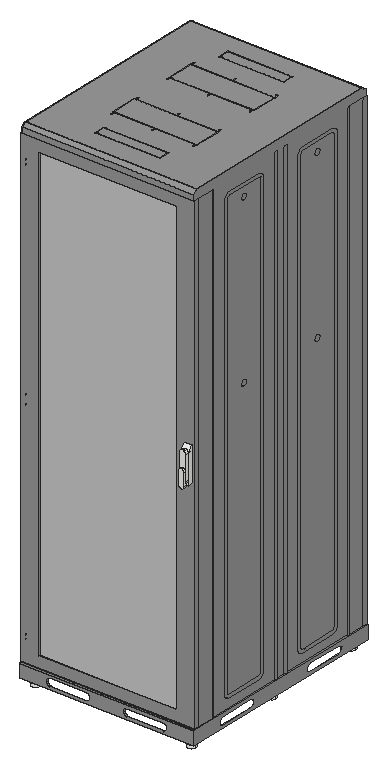
Revit family "800х1000", category Обобщенные модели, Revit 2019
Family settings
  Может служить основой для арматурных стержней = Нет
  Размер круглого соединителя = Использовать диаметр
  Тип детали = Нормальный
  На основе рабочей плоскости = Нет
  Всегда вертикально = Да
  При загрузке вырезать с полостями = Нет
  Общий = Нет
  Точка расчета площади = Нет
Parameters (values of type "ШТ-НП-С-47U-800-1000-ПП")
  Смещение от пола [instance] = 500 mm
  Описание = "Шкаф телекоммуникационный напольный серверный 19&quot;.47U(800x1000) . ШТ-НП-С-47U-800-1000-ПП передняя.задняя двери перфорированные ССД"
  Ноль = 0 mm  # constant formula
  Не двустворчатая дверь = not(Двустворчатая дверь)  # yes
  Материал крепежей = Металл
  Материал колес и ручек = Металл белый
  Материал каркаса = Металл
  Двустворчатая дверь = no
  Высота окна [instance] = ADSK_Размер_Высота - 40 mm - 62 mm - 7 mm + Ноль  # 2180 mm
  ADSK_Этаж [instance] = ""
  ADSK_Размер_Ширина [instance] = 800 mm  # constant formula
  ADSK_Размер_Глубина [instance] = 1000 mm  # constant formula
  ADSK_Размер_Высота = 2289 mm
  ADSK_Примечание [instance] = ""
  ADSK_Предел огнестойкости = ""
  ADSK_Позиция [instance] = ""
  ADSK_Обозначение = ""
  ADSK_Наименование краткое = "ШТ-НП-С-47U-800-1000-ПП"
  ADSK_Наименование = "Шкаф телекоммуникационный напольный серверный 19&quot;.47U(800x1000) . ШТ-НП-С-47U-800-1000-ПП передняя.задняя двери перфорированные ССД"
  ADSK_Масса_Текст = "130.0"
  ADSK_Марка [instance] = "ШТ-НП-С-47U-800-1000-ПП"
  ADSK_Количество [instance] = 1  # constant formula
  ADSK_Код изделия = "130411-00931"
  ADSK_Зона = ""
  ADSK_Завод-изготовитель = "АО СВЯЗЬСТРОЙДЕТАЛЬ"  # constant formula
  ADSK_Единица измерения = "шт"  # constant formula
  ADSK_URL страницы изделия = "https://www.ssd.ru/shkaf-telekommunikatsionnyy-napolnyy-servernyy-19-quot-47u-800x1000-sht-np-s-47u-800-1000-pp-perednya"
  ADSK_URL документации изделия = ""
Reference planes
  plane 1 "тттт": y = 0
  plane 2: z = 0
  plane 3 "УУУУ": x = 0
  plane 4: y = 500
  plane 5: y = -500
  plane 6: x = -400
  plane 7: x = 400
  plane 8: z = 500
  plane 9: x = -398
  plane 10: x = -396
  plane 11: x = 398
  plane 12: x = 396
  plane 13: z = 530
  plane 14: z = 592
  plane 15: z = 599
  plane 16: z = 2779
  plane 17: z = 2819
  plane 18: x = -360
  plane 19: y = -460
  plane 20: x = 360
  plane 21: y = -460
  plane 22: x = -360
  plane 23: y = 460
  plane 24: x = 360
  plane 25: y = 460
  plane 26: z = 520
  plane 27: z = 510
  plane 28: y = -455
  plane 29: y = 455
  plane 30: y = 475
  plane 31: y = -475
  plane 32: z = 2817
  plane 33: y = 475
  plane 34: z = 2749
  plane 35: z = 629
  plane 36: y = -445
  plane 37: y = 445
  plane 38: z = 1689
  plane 39: y = -495
  plane 40: y = 495
  plane 41: z = 2805
Forms (mm)
  Extrusion 1, void, not visible, detail levels fine
    sketch origin (-20, 0, 0) x (1, 0, 0) y (0, 0, 1)
      loop
        arc (-281.999, 290) -> (-261.999, 270) -> (-241.999, 290) r 20
        line (-241.999, 290) -> (-241.999, 370)
        arc (-241.999, 370) -> (-261.999, 390) -> (-281.999, 370) r 20
        line (-281.999, 370) -> (-281.999, 290)
    from 90 to 190
  Extrusion 2, void, not visible
    sketch origin (-20, 0, 225) x (1, 0, 0) y (0, 0, 1)
      loop
        circle (-261.999, 215) r 6.5
    from 90 to 190
  Extrusion 3, void, not visible, detail levels fine
    sketch origin (20, 0, 0) x (-1, 0, 0) y (0, 0, -1)
      loop
        line (-281.999, -290) -> (-281.999, -370)
        arc (-281.999, -370) -> (-261.999, -390) -> (-241.999, -370) r 20
        line (-241.999, -370) -> (-241.999, -290)
        arc (-241.999, -290) -> (-261.999, -270) -> (-281.999, -290) r 20
    from 90 to 190
  Extrusion 4, void, not visible
    sketch origin (20, 0, 225) x (-1, 0, 0) y (0, 0, -1)
      loop
        circle (-261.999, -215) r 6.5
    from 90 to 190
  Extrusion 5, void, not visible
    sketch origin (0, 0, 220) x (0, 1, 0) y (0, 0, 1)
      loop
        circle (-102, 220) r 3.036
      loop
        circle (-172.959, 220) r 3.036
      loop
        circle (-122, 237) r 3.036
      loop
        circle (-157.959, 237) r 3.036
      loop
        circle (-121.964, 203) r 3.036
      loop
        circle (-158.036, 203) r 3.036
      loop
        arc (-162.48, 75) -> (-137.48, 50) -> (-112.48, 75) r 25
        line (-112.48, 75) -> (-112.48, 145)
        arc (-112.48, 145) -> (-137.48, 170) -> (-162.48, 145) r 25
        line (-162.48, 145) -> (-162.48, 75)
    from -312 to 312
  Extrusion 6, solid, material "Металл" <- "Материал каркаса", detail levels medium+fine
    sketch origin (0, 0, 0) x (1, 0, 0) y (0, 0, 1)
      loop
        line (-398, 592) -> (-398, 530) -> (398, 530) -> (398, 592) -> (-398, 592)
      loop
        arc (-278, 561) -> (-272.728, 548.272) -> (-260, 543) r 18
        line (-260, 543) -> (-96, 543)
        arc (-96, 543) -> (-83.272, 548.272) -> (-78, 561) r 18
        arc (-78, 561) -> (-83.272, 573.728) -> (-96, 579) r 18
        line (-96, 579) -> (-260, 579)
        arc (-260, 579) -> (-272.728, 573.728) -> (-278, 561) r 18
      loop
        arc (278, 561) -> (272.728, 573.728) -> (260, 579) r 18
        line (260, 579) -> (96, 579)
        arc (96, 579) -> (83.272, 573.728) -> (78, 561) r 18
        arc (78, 561) -> (83.272, 548.272) -> (96, 543) r 18
        line (96, 543) -> (260, 543)
        arc (260, 543) -> (272.728, 548.272) -> (278, 561) r 18
    from 495 to 500
  Extrusion 7, solid, material "Металл" <- "Материал каркаса", detail levels medium+fine
    sketch origin (0, 0, 0) x (1, 0, 0) y (0, 0, 1)
      loop
        line (-398, 592) -> (-398, 530) -> (398, 530) -> (398, 592) -> (-398, 592)
      loop
        arc (-277, 561) -> (-271.728, 548.272) -> (-259, 543) r 18
        line (-259, 543) -> (-95, 543)
        arc (-95, 543) -> (-82.272, 548.272) -> (-77, 561) r 18
        arc (-77, 561) -> (-82.272, 573.728) -> (-95, 579) r 18
        line (-95, 579) -> (-259, 579)
        arc (-259, 579) -> (-271.728, 573.728) -> (-277, 561) r 18
      loop
        arc (277, 561) -> (271.728, 573.728) -> (259, 579) r 18
        line (259, 579) -> (95, 579)
        arc (95, 579) -> (82.272, 573.728) -> (77, 561) r 18
        arc (77, 561) -> (82.272, 548.272) -> (95, 543) r 18
        line (95, 543) -> (259, 543)
        arc (259, 543) -> (271.728, 548.272) -> (277, 561) r 18
    from -500 to -495
  Extrusion 8, solid, material "Металл" <- "Материал каркаса", detail levels medium+fine
    sketch origin (0, 0, 0) x (0, 1, 0) y (0, 0, 1)
      loop
        line (-500, 592) -> (-500, 530) -> (500, 530) -> (500, 592) -> (-500, 592)
      loop
        arc (-352, 561) -> (-346.728, 548.272) -> (-334, 543) r 18
        line (-334, 543) -> (-170, 543)
        arc (-170, 543) -> (-157.272, 548.272) -> (-152, 561) r 18
        arc (-152, 561) -> (-157.272, 573.728) -> (-170, 579) r 18
        line (-170, 579) -> (-334, 579)
        arc (-334, 579) -> (-346.728, 573.728) -> (-352, 561) r 18
      loop
        arc (352, 561) -> (346.728, 573.728) -> (334, 579) r 18
        line (334, 579) -> (170, 579)
        arc (170, 579) -> (157.272, 573.728) -> (152, 561) r 18
        arc (152, 561) -> (157.272, 548.272) -> (170, 543) r 18
        line (170, 543) -> (334, 543)
        arc (334, 543) -> (346.728, 548.272) -> (352, 561) r 18
    from 398 to 400
  Extrusion 9, solid, material "Металл" <- "Материал каркаса", detail levels medium+fine
    sketch origin (0, 0, 0) x (0, 1, 0) y (0, 0, 1)
      loop
        line (-500, 592) -> (-500, 530) -> (500, 530) -> (500, 592) -> (-500, 592)
      loop
        arc (-352, 561) -> (-346.728, 548.272) -> (-334, 543) r 18
        line (-334, 543) -> (-170, 543)
        arc (-170, 543) -> (-157.272, 548.272) -> (-152, 561) r 18
        arc (-152, 561) -> (-157.272, 573.728) -> (-170, 579) r 18
        line (-170, 579) -> (-334, 579)
        arc (-334, 579) -> (-346.728, 573.728) -> (-352, 561) r 18
      loop
        arc (352, 561) -> (346.728, 573.728) -> (334, 579) r 18
        line (334, 579) -> (170, 579)
        arc (170, 579) -> (157.272, 573.728) -> (152, 561) r 18
        arc (152, 561) -> (157.272, 548.272) -> (170, 543) r 18
        line (170, 543) -> (334, 543)
        arc (334, 543) -> (346.728, 548.272) -> (352, 561) r 18
    from -400 to -398
  Extrusion 10, solid, material "Металл" <- "Материал каркаса", detail levels medium+fine
    sketch origin (0, 0, 0) x (1, 0, 0) y (0, 1, 0)
      loop
        line (-398, 500) -> (-398, -500) -> (398, -500) -> (398, 500) -> (-398, 500)
    from 592 to 599
  Extrusion 11, solid, material "Металл" <- "Материал каркаса", detail levels medium+fine
    sketch origin (0, 0, 0) x (0, 1, 0) y (0, 0, 1)
      loop
        line (-475, 599) -> (475, 599) -> (475, 2779) -> (495, 2779) -> (495, 2805) -> (475, 2819) -> (-475, 2819) -> (-495, 2805) -> (-495, 2779) -> (-475, 2779) -> (-475, 599)
    from 396 to 398
  Extrusion 12, solid, material "Металл" <- "Материал каркаса", detail levels medium+fine
    sketch origin (0, 0, 0) x (0, 1, 0) y (0, 0, 1)
      loop
        line (475, 599) -> (475, 2779) -> (495, 2779) -> (495, 2805) -> (475, 2819) -> (-475, 2819) -> (-495, 2805) -> (-495, 2779) -> (-475, 2779) -> (-475, 599) -> (475, 599)
    from -398 to -396
  Extrusion 13, solid, material "Металл" <- "Материал каркаса", detail levels fine
    sketch origin (0, 0, 0) x (0, 1, 0) y (0, 0, 1)
      loop
        line (475, 2779) -> (399, 2779) -> (399, 2774) -> (394.5, 2774) -> (394.5, 604) -> (399, 604) -> (399, 599) -> (475, 599) -> (475, 2779)
      loop
        line (390, 2779) -> (390, 599) -> (393, 599) -> (393, 2779) -> (390, 2779)
      loop
        arc (323, 2703) -> (315.385, 2721.385) -> (297, 2729) r 26
        line (297, 2729) -> (126, 2729)
        arc (126, 2729) -> (107.615, 2721.385) -> (100, 2703) r 26
        line (100, 2703) -> (100, 668)
        arc (100, 668) -> (107.615, 649.615) -> (126, 642) r 26
        line (126, 642) -> (297, 642)
        arc (297, 642) -> (315.385, 649.615) -> (323, 668) r 26
        line (323, 668) -> (323, 2703)
      loop
        arc (310, 2703) -> (306.192, 2712.192) -> (297, 2716) r 13
        line (297, 2716) -> (126, 2716)
        arc (126, 2716) -> (116.808, 2712.192) -> (113, 2703) r 13
        line (113, 2703) -> (113, 668)
        arc (113, 668) -> (116.808, 658.808) -> (126, 655) r 13
        line (126, 655) -> (297, 655)
        arc (297, 655) -> (306.192, 658.808) -> (310, 668) r 13
        line (310, 668) -> (310, 2703)
      loop
        circle (211.5, 2673) r 12
      loop
        line (20, 2779) -> (20, 599) -> (33, 599) -> (33, 2779) -> (20, 2779)
      loop
        line (-475, 2779) -> (-475, 599) -> (-399, 599) -> (-399, 604) -> (-394.5, 604) -> (-394.5, 2774) -> (-399, 2774) -> (-399, 2779) -> (-475, 2779)
      loop
        line (-390, 2779) -> (-393, 2779) -> (-393, 599) -> (-390, 599) -> (-390, 2779)
      loop
        line (-323, 2703) -> (-323, 668)
        arc (-323, 668) -> (-315.385, 649.615) -> (-297, 642) r 26
        line (-297, 642) -> (-126, 642)
        arc (-126, 642) -> (-107.615, 649.615) -> (-100, 668) r 26
        line (-100, 668) -> (-100, 2703)
        arc (-100, 2703) -> (-107.615, 2721.385) -> (-126, 2729) r 26
        line (-126, 2729) -> (-297, 2729)
        arc (-297, 2729) -> (-315.385, 2721.385) -> (-323, 2703) r 26
      loop
        line (-310, 2703) -> (-310, 668)
        arc (-310, 668) -> (-306.192, 658.808) -> (-297, 655) r 13
        line (-297, 655) -> (-126, 655)
        arc (-126, 655) -> (-116.808, 658.808) -> (-113, 668) r 13
        line (-113, 668) -> (-113, 2703)
        arc (-113, 2703) -> (-116.808, 2712.192) -> (-126, 2716) r 13
        line (-126, 2716) -> (-297, 2716)
        arc (-297, 2716) -> (-306.192, 2712.192) -> (-310, 2703) r 13
      loop
        circle (-211.5, 2673) r 12
      loop
        line (-20, 2779) -> (-33, 2779) -> (-33, 599) -> (-20, 599) -> (-20, 2779)
      loop
        circle (211.5, 1903.5) r 12
      loop
        circle (-211.5, 1903.5) r 12
    from 398 to 400
  Extrusion 14, solid, material "Металл" <- "Материал каркаса", detail levels fine
    sketch origin (0, 0, 0) x (0, 1, 0) y (0, 0, 1)
      loop
        line (475, 2779) -> (399, 2779) -> (399, 2774) -> (394.5, 2774) -> (394.5, 604) -> (399, 604) -> (399, 599) -> (475, 599) -> (475, 2779)
      loop
        line (390, 2779) -> (390, 599) -> (393, 599) -> (393, 2779) -> (390, 2779)
      loop
        arc (323, 2703) -> (315.385, 2721.385) -> (297, 2729) r 26
        line (297, 2729) -> (126, 2729)
        arc (126, 2729) -> (107.615, 2721.385) -> (100, 2703) r 26
        line (100, 2703) -> (100, 668)
        arc (100, 668) -> (107.615, 649.615) -> (126, 642) r 26
        line (126, 642) -> (297, 642)
        arc (297, 642) -> (315.385, 649.615) -> (323, 668) r 26
        line (323, 668) -> (323, 2703)
      loop
        arc (310, 2703) -> (306.192, 2712.192) -> (297, 2716) r 13
        line (297, 2716) -> (126, 2716)
        arc (126, 2716) -> (116.808, 2712.192) -> (113, 2703) r 13
        line (113, 2703) -> (113, 668)
        arc (113, 668) -> (116.808, 658.808) -> (126, 655) r 13
        line (126, 655) -> (297, 655)
        arc (297, 655) -> (306.192, 658.808) -> (310, 668) r 13
        line (310, 668) -> (310, 2703)
      loop
        circle (211.5, 2673) r 12
      loop
        line (20, 2779) -> (20, 599) -> (33, 599) -> (33, 2779) -> (20, 2779)
      loop
        line (-475, 2779) -> (-475, 599) -> (-399, 599) -> (-399, 604) -> (-394.5, 604) -> (-394.5, 2774) -> (-399, 2774) -> (-399, 2779) -> (-475, 2779)
      loop
        line (-390, 2779) -> (-393, 2779) -> (-393, 599) -> (-390, 599) -> (-390, 2779)
      loop
        line (-323, 2703) -> (-323, 668)
        arc (-323, 668) -> (-315.385, 649.615) -> (-297, 642) r 26
        line (-297, 642) -> (-126, 642)
        arc (-126, 642) -> (-107.615, 649.615) -> (-100, 668) r 26
        line (-100, 668) -> (-100, 2703)
        arc (-100, 2703) -> (-107.615, 2721.385) -> (-126, 2729) r 26
        line (-126, 2729) -> (-297, 2729)
        arc (-297, 2729) -> (-315.385, 2721.385) -> (-323, 2703) r 26
      loop
        line (-310, 2703) -> (-310, 668)
        arc (-310, 668) -> (-306.192, 658.808) -> (-297, 655) r 13
        line (-297, 655) -> (-126, 655)
        arc (-126, 655) -> (-116.808, 658.808) -> (-113, 668) r 13
        line (-113, 668) -> (-113, 2703)
        arc (-113, 2703) -> (-116.808, 2712.192) -> (-126, 2716) r 13
        line (-126, 2716) -> (-297, 2716)
        arc (-297, 2716) -> (-306.192, 2712.192) -> (-310, 2703) r 13
      loop
        circle (-211.5, 2673) r 12
      loop
        line (-20, 2779) -> (-33, 2779) -> (-33, 599) -> (-20, 599) -> (-20, 2779)
      loop
        circle (211.5, 1903.5) r 12
      loop
        circle (-211.5, 1903.5) r 12
    from -400 to -398
  Extrusion 15, solid, material "Металл" <- "Материал каркаса", detail levels medium+fine
    sketch origin (0, 0, 0) x (1, 0, 0) y (0, 1, 0)
      loop
        line (-396, 475) -> (-396, -475) -> (396, -475) -> (396, 475) -> (-396, 475)
      loop
        line (-149.5, 383.335) -> (-149.5, 333.335) -> (150.5, 333.335) -> (150.5, 383.335) -> (-149.5, 383.335)
      loop
        line (148.5, 335.335) -> (148.5, 381.335) -> (-147.5, 381.335) -> (-147.5, 335.335) -> (148.5, 335.335)
      loop
        line (-194.5, 225.3) -> (-194.5, 100.3) -> (195.5, 100.3) -> (195.5, 225.3) -> (-194.5, 225.3)
      loop
        line (193.5, 102.3) -> (193.5, 223.3) -> (-192.5, 223.3) -> (-192.5, 102.3) -> (193.5, 102.3)
      loop
        line (-194.5, -99.7) -> (-194.5, -224.7) -> (195.5, -224.7) -> (195.5, -99.7) -> (-194.5, -99.7)
      loop
        line (193.5, -222.7) -> (193.5, -101.7) -> (-192.5, -101.7) -> (-192.5, -222.7) -> (193.5, -222.7)
      loop
        line (-149.5, -332.735) -> (-149.5, -382.735) -> (150.5, -382.735) -> (150.5, -332.735) -> (-149.5, -332.735)
      loop
        line (148.5, -380.735) -> (148.5, -334.735) -> (-147.5, -334.735) -> (-147.5, -380.735) -> (148.5, -380.735)
      loop
        circle (-189.5, -237.2) r 3.25
      loop
        circle (0.5, -237.2) r 3.25
      loop
        circle (190.5, -237.2) r 3.25
      loop
        circle (190.5, -87.2) r 3.25
      loop
        circle (0.5, -87.2) r 3.25
      loop
        circle (-189.5, -87.2) r 3.25
      loop
        circle (-189.5, 87.8) r 3.25
      loop
        circle (0.5, 87.8) r 3.25
      loop
        circle (190.5, 87.8) r 3.25
      loop
        circle (190.5, 237.8) r 3.25
      loop
        circle (0.5, 237.8) r 3.25
      loop
        circle (-189.5, 237.8) r 3.25
    from 2817 to 2819
  Extrusion 16, solid, material "Металл" <- "Материал крепежей", detail levels fine
    sketch origin (0, 0, 0) x (1, 0, 0) y (0, 1, 0)
      loop
        line (-360, 445) -> (-360, 430) -> (-357, 430) -> (-357, 442) -> (-345, 442) -> (-345, 445) -> (-360, 445)
      loop
        line (360, 445) -> (345, 445) -> (345, 442) -> (357, 442) -> (357, 430) -> (360, 430) -> (360, 445)
      loop
        line (-360, -445) -> (-345, -445) -> (-345, -442) -> (-357, -442) -> (-357, -430) -> (-360, -430) -> (-360, -445)
      loop
        line (360, -445) -> (360, -430) -> (357, -430) -> (357, -442) -> (345, -442) -> (345, -445) -> (360, -445)
      loop
        line (-360, 15) -> (-360, 0) -> (-360, -15) -> (-345, -15) -> (-345, -12) -> (-357, -12) -> (-357, 0) -> (-357, 12) -> (-345, 12) -> (-345, 15) -> (-360, 15)
      loop
        line (360, 15) -> (345, 15) -> (345, 12) -> (357, 12) -> (357, 0) -> (357, -12) -> (345, -12) -> (345, -15) -> (360, -15) -> (360, 0) -> (360, 15)
    from 599 to 2779
  Extrusion 17, solid, material "Металл" <- "Материал крепежей", detail levels fine
    sketch origin (0, 0, 0) x (1, 0, 0) y (0, 0, 1)
      loop
        line (-360, 654) -> (-370, 654) -> (-370, 664) -> (-380, 664) -> (-380, 661) -> (-373, 661) -> (-373, 651) -> (-362.989, 651) -> (-362.989, 642) -> (-373, 642) -> (-373, 632) -> (-380, 632) -> (-380, 629) -> (-370, 629) -> (-370, 639) -> (-360, 639) -> (-360, 654)
      loop
        line (360, 654) -> (360, 639) -> (370, 639) -> (370, 629) -> (380, 629) -> (380, 632) -> (373, 632) -> (373, 642) -> (362.989, 642) -> (362.989, 651) -> (373, 651) -> (373, 661) -> (380, 661) -> (380, 664) -> (370, 664) -> (370, 654) -> (360, 654)
      loop
        line (-360, 2739) -> (-370, 2739) -> (-370, 2749) -> (-380, 2749) -> (-380, 2746) -> (-373, 2746) -> (-373, 2736) -> (-362.989, 2736) -> (-362.989, 2727) -> (-373, 2727) -> (-373, 2717) -> (-380, 2717) -> (-380, 2714) -> (-370, 2714) -> (-370, 2724) -> (-360, 2724) -> (-360, 2739)
      loop
        line (360, 2739) -> (360, 2724) -> (370, 2724) -> (370, 2714) -> (380, 2714) -> (380, 2717) -> (373, 2717) -> (373, 2727) -> (362.989, 2727) -> (362.989, 2736) -> (373, 2736) -> (373, 2746) -> (380, 2746) -> (380, 2749) -> (370, 2749) -> (370, 2739) -> (360, 2739)
      loop
        line (-360, 1714) -> (-370, 1714) -> (-370, 1724) -> (-380, 1724) -> (-380, 1721) -> (-373, 1721) -> (-373, 1711) -> (-362.989, 1711) -> (-362.989, 1702) -> (-373, 1702) -> (-373, 1692) -> (-380, 1692) -> (-380, 1689) -> (-370, 1689) -> (-370, 1699) -> (-360, 1699) -> (-360, 1714)
      loop
        line (360, 1714) -> (360, 1699) -> (370, 1699) -> (370, 1689) -> (380, 1689) -> (380, 1692) -> (373, 1692) -> (373, 1702) -> (362.989, 1702) -> (362.989, 1711) -> (373, 1711) -> (373, 1721) -> (380, 1721) -> (380, 1724) -> (370, 1724) -> (370, 1714) -> (360, 1714)
    from -475 to 460
  Extrusion 18, solid, material "Металл" <- "Материал каркаса", detail levels medium+fine
    sketch origin (0, 0, 0) x (0, 1, 0) y (0, 0, 1)
      loop
        line (475, 2819) -> (475, 2779) -> (495, 2779) -> (495, 2805) -> (475, 2819)
      loop
        line (-495, 2779) -> (-475, 2779) -> (-475, 2819) -> (-495, 2805) -> (-495, 2779)
    from -396 to 396
  Extrusion 19, solid, material "Металл" <- "Материал каркаса", detail levels coarse
    sketch origin (0, 0, 0) x (1, 0, 0) y (0, 1, 0)
      loop
        line (-400, 500) -> (-400, -500) -> (400, -500) -> (400, 500) -> (-400, 500)
    from 500 to 2819
Cuts and joins
  joined: Extrusion 11, Extrusion 12
  joined: Extrusion 6, Extrusion 7, Extrusion 8, Extrusion 9
Dimensions and locks
  equal spacing: plane 5, plane 1 "тттт", plane 4
  "ADSK_Размер_Глубина": plane 5 to plane 4
  equal spacing: plane 6, plane 3 "УУУУ", plane 7
  "ADSK_Размер_Ширина": plane 6 to plane 7
  "Смещение от пола": plane 8 to plane 2
  locked: plane 6 to plane 9 at 2
  locked: plane 9 to plane 10 at 2
  locked: plane 11 to plane 7 at 2
  locked: plane 12 to plane 11 at 2
  locked: plane 13 to plane 8 at 30
  locked: plane 14 to plane 13 at 62
  locked: plane 15 to plane 14 at 7
  "Высота окна": plane 16 to plane 15
  locked: plane 17 to plane 16 at 40
  locked: plane 19 to plane 5 at 40
  locked: plane 6 to plane 18 at 40
  locked: plane 20 to plane 7 at 40
  locked: plane 21 to plane 5 at 40
  locked: plane 6 to plane 22 at 40
  locked: plane 23 to plane 4 at 40
  locked: plane 24 to plane 7 at 40
  locked: plane 25 to plane 4 at 40
  locked: plane 13 to plane 26 at 10
  locked: plane 26 to plane 27 at 10
  locked: plane 5 to plane 28 at 45
  locked: plane 29 to plane 4 at 45
  locked: plane 4 to plane 30 at 25
  locked: plane 31 to plane 5 at 25
  locked: plane 32 to plane 17 at 2
  locked: Extrusion 14 sketch curve to plane 16 at 50
  locked: plane 15 to Extrusion 14 sketch curve at 43  (x2)
  locked: Extrusion 14 sketch curve to Extrusion 14 sketch curve at 13  (x8)
  locked: plane 16 to Extrusion 14 sketch curve at 50
  locked: cut or joined group of Extrusion 11, Extrusion 12 to Extrusion 14 sketch curve at 80.5
  locked: Extrusion 14 sketch curve to Extrusion 14 sketch curve at 4.5  (x2)
  locked: Extrusion 14 sketch curve to cut or joined group of Extrusion 11, Extrusion 12 at 80.5
  locked: Extrusion 14 sketch curve to Extrusion 14 sketch curve at 67  (x4)
  equal spacing: Extrusion 14 sketch curve, plane 1 "тттт", Extrusion 14 sketch curve
  locked: plane 33 to plane 4 at 25
  locked: plane 31 to Extrusion 13 sketch curve at 80.5
  locked: Extrusion 13 sketch curve to Extrusion 13 sketch curve at 4.5  (x2)
  locked: Extrusion 13 sketch curve to Extrusion 13 sketch curve at 67  (x4)
  locked: Extrusion 13 sketch curve to Extrusion 13 sketch curve at 13  (x6)
  locked: Extrusion 13 sketch curve to plane 1 "тттт" at 20
  locked: plane 1 "тттт" to Extrusion 13 sketch curve at 20
  locked: Extrusion 13 sketch curve to plane 33 at 80.5
  locked: Extrusion 6 sketch curve to Extrusion 6 sketch curve at 200  (x2)
  equal spacing: Extrusion 6 sketch curve, plane 3 "УУУУ", Extrusion 6 sketch curve
  locked: Extrusion 7 sketch curve to Extrusion 7 sketch curve at 200  (x2)
  equal spacing: Extrusion 7 sketch curve, plane 3 "УУУУ", Extrusion 7 sketch curve
  locked: plane 16 to plane 34 at 30
  locked: plane 35 to plane 15 at 30
  locked: plane 5 to plane 36 at 55
  locked: plane 4 to plane 37 at 55
  equal spacing: plane 16, plane 38, plane 15
  locked: plane 39 to plane 31 at 20
  locked: plane 40 to plane 4 at 5
  locked: plane 41 to plane 17 at 14
  aligned and locked: level to plane 2
  aligned and locked: nested 2 to plane 18
  aligned and locked: nested 2 to plane 19
  aligned and locked: nested 1 to plane 21
  aligned and locked: plane 20 to nested 1
  aligned and locked: plane 1 "тттт" to nested 5
  aligned and locked: plane 1 "тттт" to nested 6
  aligned and locked: plane 25 to nested 4
  aligned and locked: nested 6 to plane 18
  aligned and locked: plane 20 to nested 5
  aligned and locked: plane 24 to nested 4
  aligned and locked: plane 13 to nested 2
  aligned and locked: plane 13 to nested 1
  aligned and locked: plane 13 to nested 6
  aligned and locked: plane 13 to nested 5
  aligned and locked: plane 13 to nested 3
  aligned and locked: plane 13 to nested 4
  aligned and locked: plane 14 to Extrusion 6 sketch curve
  aligned and locked: Extrusion 6 sketch curve to plane 13
  aligned and locked: Extrusion 6 sketch curve to plane 11
  aligned and locked: plane 9 to Extrusion 6 sketch curve
  aligned and locked: plane 14 to Extrusion 7 sketch curve
  aligned and locked: Extrusion 7 sketch curve to plane 13
  aligned and locked: Extrusion 8 sketch curve to Extrusion 6  (x2)
  aligned and locked: Extrusion 8 sketch curve to Extrusion 7
  aligned and locked: plane 7 to Extrusion 8
  aligned and locked: Extrusion 8 to plane 11
  aligned and locked: Extrusion 9 to plane 6
  aligned and locked: plane 9 to Extrusion 9
  aligned and locked: plane 14 to Extrusion 9 sketch curve
  aligned and locked: Extrusion 9 sketch curve to plane 5
  aligned and locked: Extrusion 9 sketch curve to plane 13
  aligned and locked: Extrusion 10 sketch curve to plane 5
  aligned and locked: Extrusion 8 to Extrusion 10 sketch curve
  aligned and locked: plane 9 to Extrusion 10 sketch curve
  aligned and locked: Extrusion 10 to plane 15
  aligned and locked: plane 14 to Extrusion 10
  aligned and locked: plane 15 to Extrusion 11 sketch curve
  aligned and locked: plane 11 to Extrusion 11
  aligned and locked: Extrusion 11 to plane 12
  aligned and locked: Extrusion 12 sketch curve to plane 15
  aligned and locked: Extrusion 12 sketch curve to plane 30
  aligned and locked: Extrusion 12 sketch curve to plane 31
  aligned and locked: Extrusion 12 to plane 9
  aligned and locked: plane 10 to Extrusion 12
  aligned and locked: Extrusion 13 to plane 11
  aligned and locked: plane 7 to Extrusion 13
  aligned and locked: Extrusion 14 to plane 6
  aligned and locked: plane 9 to Extrusion 14
  aligned and locked: plane 10 to Extrusion 15 sketch curve
  aligned and locked: Extrusion 15 sketch curve to plane 12
  aligned and locked: plane 32 to Extrusion 15
  aligned and locked: Extrusion 15 to plane 17
  aligned and locked: plane 16 to Extrusion 14 sketch curve
  aligned and locked: plane 30 to Extrusion 14 sketch curve
  aligned and locked: plane 31 to Extrusion 14 sketch curve
  aligned and locked: Extrusion 13 sketch curve to plane 31
  aligned and locked: Extrusion 13 sketch curve to plane 33
  aligned and locked: plane 15 to Extrusion 13 sketch curve  (x2)
  aligned and locked: Extrusion 13 sketch curve to plane 16
  aligned and locked: plane 16 to Extrusion 13 sketch curve
  aligned and locked: plane 22 to Extrusion 16 sketch curve
  aligned and locked: Extrusion 16 sketch curve to plane 37
  aligned and locked: plane 37 to Extrusion 16 sketch curve
  aligned and locked: Extrusion 16 sketch curve to plane 24
  aligned and locked: Extrusion 16 sketch curve to plane 18  (x2)
  aligned and locked: Extrusion 16 sketch curve to plane 36
  aligned and locked: plane 36 to Extrusion 16 sketch curve
  aligned and locked: plane 20 to Extrusion 16 sketch curve  (x2)
  aligned and locked: Extrusion 16 to plane 16
  aligned and locked: plane 15 to Extrusion 16
  aligned and locked: plane 35 to Extrusion 17 sketch curve  (x2)
  aligned and locked: plane 38 to Extrusion 17 sketch curve  (x2)
  aligned and locked: plane 34 to Extrusion 17 sketch curve  (x2)
  aligned and locked: Extrusion 17 to plane 30
  aligned and locked: Extrusion 17 to plane 19
  aligned and locked: nested 3 to plane 22
  aligned and locked: plane 23 to nested 3
  aligned and locked: plane 16 to nested 7
  aligned and locked: plane 15 to nested 7
  aligned and locked: nested 7 to plane 6
  aligned and locked: plane 7 to nested 7
  aligned and locked: plane 16 to nested 8
  aligned and locked: plane 15 to nested 8
  aligned and locked: nested 8 to plane 7
  aligned and locked: nested 8 to plane 6
  aligned and locked: nested 8 to plane 33
  aligned and locked: Extrusion 12 sketch curve to plane 17
  aligned and locked: Extrusion 11 sketch curve to plane 31
  aligned and locked: Extrusion 11 sketch curve to plane 33
  aligned and locked: Extrusion 11 sketch curve to Extrusion 13
  aligned and locked: cut or joined group of Extrusion 11, Extrusion 12 to plane 17
  aligned and locked: plane 16 to cut or joined group of Extrusion 11, Extrusion 12  (x2)
  aligned and locked: plane 39 to Extrusion 11 sketch curve
  aligned and locked: Extrusion 11 sketch curve to plane 17
  aligned and locked: plane 41 to Extrusion 11 sketch curve  (x2)
  aligned and locked: plane 17 to Extrusion 11 sketch curve
  aligned and locked: Extrusion 12 sketch curve to plane 16
  aligned and locked: plane 16 to Extrusion 12 sketch curve
  aligned and locked: plane 39 to Extrusion 12 sketch curve
  aligned and locked: plane 40 to Extrusion 12 sketch curve
  aligned and locked: Extrusion 12 sketch curve to plane 40
  aligned and locked: plane 17 to Extrusion 12 sketch curve
  aligned and locked: plane 41 to Extrusion 12 sketch curve
  aligned and locked: plane 4 to Extrusion 8 sketch curve
  aligned and locked: plane 4 to Extrusion 10 sketch curve
  aligned and locked: plane 4 to Extrusion 9 sketch curve
  aligned and locked: Extrusion 6 to nested 7
  aligned and locked: plane 11 to Extrusion 7 sketch curve
  aligned and locked: Extrusion 7 sketch curve to plane 9
  aligned and locked: plane 40 to Extrusion 7
  aligned and locked: Extrusion 7 to plane 4
  aligned and locked: Extrusion 6 to plane 39
  aligned and locked: plane 5 to Extrusion 6
  aligned and locked: plane 30 to Extrusion 15 sketch curve
  aligned and locked: Extrusion 15 sketch curve to plane 31
  aligned and locked: Extrusion 18 sketch curve to plane 16  (x2)
  aligned and locked: plane 40 to Extrusion 18 sketch curve
  aligned and locked: plane 41 to Extrusion 18 sketch curve
  aligned and locked: plane 33 to Extrusion 18 sketch curve
  aligned and locked: plane 39 to Extrusion 18 sketch curve
  aligned and locked: plane 31 to Extrusion 18 sketch curve
  aligned and locked: Extrusion 18 to plane 12
  aligned and locked: plane 10 to Extrusion 18
  aligned and locked: nested 9 to plane 16
  aligned and locked: nested 9 to plane 15
  aligned and locked: nested 9 to plane 6
  aligned and locked: nested 9 to plane 7
  aligned and locked: plane 33 to nested 9
  aligned and locked: nested 10 to plane 17
  aligned and locked: plane 13 to nested 10
  aligned and locked: nested 10 to plane 7
  aligned and locked: nested 10 to plane 6
  aligned and locked: nested 11 to plane 17
  aligned and locked: plane 13 to nested 11
  aligned and locked: nested 11 to plane 4
  aligned and locked: nested 11 to plane 5
  aligned and locked: nested 12 to plane 4
  aligned and locked: plane 5 to nested 12
  aligned and locked: plane 6 to nested 12
  aligned and locked: plane 7 to nested 12
  aligned and locked: Extrusion 19 sketch curve to nested 12  (x4)
  aligned and locked: Extrusion 19 to plane 17
  aligned and locked: plane 8 to Extrusion 19
Automatic sketch dimensions
  Extrusion 5 sketch curve to Extrusion 5 sketch curve = 10.48 mm
  Extrusion 5 sketch curve to Extrusion 5 sketch curve = 14.924 mm
  Extrusion 5 sketch curve to Extrusion 5 sketch curve = 15 mm
  Extrusion 5 sketch curve to Extrusion 5 sketch curve = 25 mm
  Extrusion 5 sketch curve to Extrusion 5 sketch curve = 35.959 mm
  Extrusion 5 sketch curve to Extrusion 5 sketch curve = 0.036 mm
  Extrusion 5 sketch curve to Extrusion 5 sketch curve = 19.964 mm
  Extrusion 5 sketch curve to Extrusion 5 sketch curve = 70 mm
  Extrusion 5 sketch curve to Extrusion 5 sketch curve = 58 mm
  Extrusion 5 sketch curve to Extrusion 5 sketch curve = 0 mm
  Extrusion 5 sketch curve to Extrusion 5 sketch curve = 17 mm  (x4)
  Extrusion 1 sketch curve to Extrusion 1 sketch curve = 20 mm
  Extrusion 1 sketch curve to Extrusion 1 sketch curve = 80 mm
  Extrusion 3 sketch curve to Extrusion 3 sketch curve = 20 mm
  Extrusion 3 sketch curve to Extrusion 3 sketch curve = 80 mm
  Extrusion 6 sketch curve to Extrusion 6 sketch curve = 0 mm  (x8)
  Extrusion 6 sketch curve to plane 13 = 13 mm  (x2)
  plane 14 to Extrusion 6 sketch curve = 13 mm
  Extrusion 6 sketch curve to Extrusion 6 sketch curve = 18 mm
  Extrusion 7 sketch curve to Extrusion 7 sketch curve = 0 mm  (x4)
  Extrusion 7 sketch curve to plane 13 = 13 mm  (x2)
  plane 14 to Extrusion 7 sketch curve = 13 mm
  Extrusion 7 sketch curve to Extrusion 7 sketch curve = 18 mm
  Extrusion 6 sketch curve to plane 18 = 100 mm
  Extrusion 7 sketch curve to plane 18 = 101 mm
  plane 1 "тттт" to Extrusion 16 sketch curve = 0 mm  (x4)
  Extrusion 16 sketch curve to plane 18 = 3 mm  (x3)
  Extrusion 16 sketch curve to Extrusion 16 sketch curve = 12 mm  (x7)
  Extrusion 16 sketch curve to plane 20 = 15 mm  (x3)
  plane 36 to Extrusion 16 sketch curve = 3 mm  (x2)
  Extrusion 16 sketch curve to plane 37 = 3 mm  (x2)
  Extrusion 16 sketch curve to Extrusion 16 sketch curve = 15 mm
  Extrusion 16 sketch curve to plane 20 = 3 mm  (x2)
  Extrusion 16 sketch curve to Extrusion 16 sketch curve = 3 mm  (x5)
  plane 1 "тттт" to Extrusion 16 sketch curve = 15 mm  (x2)
  Extrusion 16 sketch curve to plane 1 "тттт" = 12 mm  (x2)
  Extrusion 16 sketch curve to plane 37 = 15 mm
  Extrusion 17 sketch curve to plane 18 = 0 mm
  plane 18 to Extrusion 17 sketch curve = 0 mm  (x2)
  Extrusion 17 sketch curve to plane 20 = 0 mm  (x3)
  plane 18 to Extrusion 17 sketch curve = 2.989 mm  (x3)
  plane 18 to Extrusion 17 sketch curve = 10 mm  (x4)
  Extrusion 17 sketch curve to Extrusion 17 sketch curve = 7.011 mm  (x5)
  Extrusion 17 sketch curve to Extrusion 17 sketch curve = 3 mm  (x35)
  Extrusion 17 sketch curve to Extrusion 17 sketch curve = 7 mm  (x19)
  Extrusion 17 sketch curve to plane 35 = 3 mm
  plane 20 to Extrusion 17 sketch curve = 2.989 mm  (x3)
  plane 20 to Extrusion 17 sketch curve = 10 mm  (x3)
  Extrusion 17 sketch curve to plane 35 = 10 mm
  Extrusion 17 sketch curve to Extrusion 17 sketch curve = 9 mm  (x4)
  Extrusion 17 sketch curve to plane 38 = 10 mm  (x2)
  Extrusion 17 sketch curve to plane 38 = 22 mm  (x2)
  Extrusion 17 sketch curve to Extrusion 17 sketch curve = 10 mm  (x2)
  Extrusion 12 sketch curve to plane 31 = 0 mm
  Extrusion 12 sketch curve to plane 30 = 0 mm
  plane 41 to Extrusion 12 sketch curve = 0 mm
  Extrusion 8 sketch curve to Extrusion 8 sketch curve = 0 mm  (x4)
  Extrusion 8 sketch curve to plane 13 = 31 mm  (x2)
  plane 36 to Extrusion 8 sketch curve = 111 mm
  plane 14 to Extrusion 8 sketch curve = 13 mm
  Extrusion 8 sketch curve to Extrusion 8 sketch curve = 164 mm
  Extrusion 8 sketch curve to plane 1 "тттт" = 170 mm
  Extrusion 8 sketch curve to plane 37 = 111 mm
  Extrusion 8 sketch curve to plane 13 = 13 mm
  plane 41 to Extrusion 18 sketch curve = 0 mm
  plane 17 to Extrusion 18 sketch curve = 0 mm  (x2)
  Extrusion 9 sketch curve to Extrusion 9 sketch curve = 0 mm  (x5)
  Extrusion 9 sketch curve to plane 13 = 31 mm  (x2)
  plane 36 to Extrusion 9 sketch curve = 111 mm
  Extrusion 9 sketch curve to plane 13 = 13 mm  (x2)
  Extrusion 9 sketch curve to Extrusion 9 sketch curve = 164 mm
  Extrusion 9 sketch curve to plane 1 "тттт" = 170 mm
  Extrusion 9 sketch curve to plane 37 = 111 mm
  Extrusion 14 sketch curve to Extrusion 14 sketch curve = 0 mm  (x17)
  plane 15 to Extrusion 14 sketch curve = 0 mm  (x6)
  plane 16 to Extrusion 14 sketch curve = 0 mm  (x5)
  Extrusion 14 sketch curve to Extrusion 14 sketch curve = 4.5 mm  (x2)
  Extrusion 14 sketch curve to Extrusion 14 sketch curve = 3 mm  (x2)
  Extrusion 14 sketch curve to Extrusion 14 sketch curve = 13 mm  (x7)
  Extrusion 14 sketch curve to Extrusion 14 sketch curve = 85.5 mm  (x2)
  plane 1 "тттт" to Extrusion 14 sketch curve = 211.5 mm
  Extrusion 14 sketch curve to plane 35 = 39 mm
  plane 1 "тттт" to Extrusion 14 sketch curve = 126 mm
  Extrusion 14 sketch curve to plane 1 "тттт" = 211.5 mm
  Extrusion 14 sketch curve to Extrusion 14 sketch curve = 6 mm  (x2)
  Extrusion 14 sketch curve to plane 15 = 5 mm  (x2)
  Extrusion 14 sketch curve to plane 38 = 214.5 mm  (x2)
  plane 34 to Extrusion 14 sketch curve = 76 mm  (x2)
  Extrusion 14 sketch curve to Extrusion 14 sketch curve = 5 mm  (x2)
  Extrusion 11 sketch curve to plane 31 = 0 mm
  Extrusion 11 sketch curve to plane 30 = 0 mm
  Extrusion 11 sketch curve to plane 40 = 0 mm
  plane 16 to Extrusion 11 sketch curve = 0 mm
  Extrusion 13 sketch curve to Extrusion 13 sketch curve = 0 mm  (x17)
  plane 15 to Extrusion 13 sketch curve = 0 mm  (x4)
  plane 16 to Extrusion 13 sketch curve = 0 mm  (x4)
  Extrusion 13 sketch curve to Extrusion 13 sketch curve = 4.5 mm  (x3)
  Extrusion 13 sketch curve to Extrusion 13 sketch curve = 3 mm  (x2)
  Extrusion 13 sketch curve to Extrusion 13 sketch curve = 13 mm  (x8)
  plane 1 "тттт" to Extrusion 13 sketch curve = 211.5 mm
  Extrusion 13 sketch curve to Extrusion 13 sketch curve = 85.5 mm  (x2)
  Extrusion 13 sketch curve to plane 1 "тттт" = 211.5 mm
  Extrusion 13 sketch curve to Extrusion 13 sketch curve = 6 mm
  Extrusion 13 sketch curve to plane 15 = 5 mm  (x2)
  Extrusion 13 sketch curve to plane 35 = 13 mm  (x2)
  Extrusion 13 sketch curve to plane 38 = 214.5 mm  (x2)
  plane 34 to Extrusion 13 sketch curve = 76 mm  (x2)
  plane 34 to Extrusion 13 sketch curve = 46 mm  (x2)
  Extrusion 13 sketch curve to Extrusion 13 sketch curve = 5 mm  (x2)
  Extrusion 15 sketch curve to plane 18 = 165.5 mm  (x2)
  Extrusion 15 sketch curve to Extrusion 15 sketch curve = 2 mm  (x15)
  Extrusion 15 sketch curve to Extrusion 15 sketch curve = 45 mm
  Extrusion 15 sketch curve to plane 37 = 61.665 mm
  Extrusion 15 sketch curve to plane 3 "УУУУ" = 149.5 mm
  plane 3 "УУУУ" to Extrusion 15 sketch curve = 148.5 mm  (x2)
  Extrusion 15 sketch curve to plane 37 = 63.665 mm
  Extrusion 15 sketch curve to plane 20 = 166.5 mm
  Extrusion 15 sketch curve to Extrusion 15 sketch curve = 43 mm
  plane 36 to Extrusion 15 sketch curve = 62.265 mm
  Extrusion 15 sketch curve to Extrusion 15 sketch curve = 46 mm
  Extrusion 15 sketch curve to Extrusion 15 sketch curve = 108.035 mm
  plane 1 "тттт" to Extrusion 15 sketch curve = 101.7 mm
  Extrusion 15 sketch curve to plane 1 "тттт" = 100.3 mm
  Extrusion 15 sketch curve to Extrusion 15 sketch curve = 121 mm
  Extrusion 15 sketch curve to Extrusion 15 sketch curve = 48 mm
  radius of Extrusion 5 sketch curve = 3.036 mm  (x6)
  radius of Extrusion 2 sketch curve = 6.5 mm
  radius of Extrusion 4 sketch curve = 6.5 mm
  radius of Extrusion 14 sketch curve = 12 mm  (x4)
  radius of Extrusion 13 sketch curve = 12 mm  (x4)
Nested families
  nested 1: "Стойка" at (360, -460, 500), type "Стойка", detail levels medium+fine
    with Материал по экземпляру none
  nested 2: "Стойка" at (-360, -460, 500), type "Стойка", detail levels medium+fine
    with Материал по экземпляру none
  nested 3: "Стойка" at (-360, 460, 500), type "Стойка", detail levels medium+fine
    with Материал по экземпляру none
  nested 4: "Стойка" at (360, 460, 500), type "Стойка", detail levels medium+fine
    with Материал по экземпляру none
  nested 5: "Стойка" at (360, 0, 500), type "Стойка", detail levels medium+fine
    with Материал по экземпляру none
  nested 6: "Стойка" at (-360, 0, 500), type "Стойка", detail levels medium+fine
    with Материал по экземпляру none
  nested 7: "Дверь" at (0, -475, 299), ADSK_Размер_Высота <- "Высота окна", ADSK_Размер_Ширина <- "ADSK_Размер_Ширина", Материал каркаса <- "Материал каркаса", Материал ручки <- "Материал колес и ручек", type "Перфарированная дверь", detail levels medium+fine
    with Материал ручки Металл белый, Материал каркаса Металл, ADSK_Размер_Ширина 800 mm, ADSK_Размер_Высота 2180 mm
  nested 8: "Дверь" at (0, 475, 299) x (-1, 0, 0) z (0, 0, 1), ADSK_Размер_Высота <- "Высота окна", ADSK_Размер_Ширина <- "ADSK_Размер_Ширина", Материал каркаса <- "Материал каркаса", Материал ручки <- "Материал колес и ручек", visible <- "Не двустворчатая дверь", type "Перфарированная дверь", detail levels medium+fine
    with Материал ручки Металл белый, Материал каркаса Металл, ADSK_Размер_Ширина 800 mm, ADSK_Размер_Высота 2180 mm
  nested 9: "Дверь двустворчатая" at (0, 475, 299), Материал каркаса <- "Материал каркаса", Материал ручки <- "Материал колес и ручек", ADSK_Размер_Высота <- "Высота окна", ADSK_Размер_Ширина <- "ADSK_Размер_Ширина", visible <- "Двустворчатая дверь", type "Двустворчатая дверь", detail levels medium+fine
    with Материал ручки Металл белый, Материал каркаса Металл, ADSK_Размер_Ширина 800 mm, ADSK_Размер_Высота 2180 mm
  nested 10: "ЭУ_ДВЕРЬ" at (0, 0, 1674.5) x (1, 0, 0) z (0, -1, 0), ADSK_Размер_Высота <- "ADSK_Размер_Высота", ADSK_Размер_Ширина <- "ADSK_Размер_Ширина", type "ЭУ_ДВЕРЬ", detail levels coarse
    with Глубина_Р 160 mm, ADSK_Размер_Ширина 800 mm, ADSK_Размер_Высота 2289 mm
  nested 11: "ЭУ_БОК" at (0, 0, 1674.5) x (0, 1, 0) z (1, 0, 0), ADSK_Размер_Высота <- "ADSK_Размер_Высота", ADSK_Размер_Глубина <- "ADSK_Размер_Глубина", type "ЭУ_БОК", detail levels coarse
    with Глубина_Р 166.667 mm, ADSK_Размер_Глубина 1000 mm, ADSK_Размер_Высота 2289 mm
  nested 12: "ЭУ_ВВЕРХ" at (0, 0, 0), ADSK_Размер_Глубина <- "ADSK_Размер_Глубина", ADSK_Размер_Ширина <- "ADSK_Размер_Ширина", type "ЭУ_ВВЕРХ", detail levels coarse
    with ADSK_Размер_Ширина 800 mm, ADSK_Размер_Глубина 1000 mm
Definition of nested family "Стойка"
  Parameters (values of type "Стойка")
    Материал по экземпляру [instance] = none
  Reference planes
    plane 1 "N1": y = 0
    plane 2: z = 0
    plane 3 "По центру (Влево/Вправо)": x = 0
    plane 4: z = 10
    plane 5: z = 30
    plane 6: z = 20
    plane 7: y = -15
    plane 8: y = 15
    plane 9: y = 45
    plane 10: y = -45
    plane 11 "N56": x = -20
  Forms (mm)
    Extrusion 1, solid, material <- "Материал по экземпляру"
      sketch origin (0, 0, 0) x (1, 0, 0) y (0, 1, 0)
        loop
          circle (0, 0) r 10
      from 10 to 30
    Extrusion 2, solid, material <- "Материал по экземпляру"
      sketch origin (0, 0, 0) x (1, 0, 0) y (0, 1, 0)
        loop
          line (0.142, 14) -> (-6.929, 14) -> (-14, 6.929) -> (-14, -0.142) -> (-14, -7.213) -> (-7.213, -14) -> (0, -14) -> (7.213, -14) -> (14, -7.213) -> (14, 0) -> (14, 6.929) -> (6.929, 14) -> (0.142, 14)
      from 20 to 30
    Blend 3, solid, material <- "Материал по экземпляру"
      base sketch origin (0, 0, 0) x (1, 0, 0) y (0, 1, 0)
        loop
          circle (0, 0) r 18
      top sketch origin (0, 0, 0) x (1, 0, 0) y (0, 1, 0)
        loop
          circle (0, 0) r 9
      from 0 to 10
  Cuts and joins
    joined: Extrusion 1, Extrusion 2
  Lines and regions (mm)
    symbolic lines
      curve 1: line (0, 0, 70) -> (0, 0, 45)
      curve 2: line (0, 45, 0) -> (0, -45, 0)
      curve 3: line (0, 0, 0) -> (50, 0, 0)
      curve 4: line (0, 0, 0) -> (-50, 0, 0)
  Dimensions and locks
    locked: plane 8 to plane 9 at 30
    locked: plane 10 to plane 7 at 30
    locked: plane 7 to plane 1 "N1" at 15
    locked: plane 1 "N1" to plane 8 at 15
    locked: plane 6 to plane 4 at 10
    locked: plane 5 to plane 6 at 10
    locked: plane 4 to plane 2 at 10
    aligned and locked: level to plane 2
    aligned and locked: plane 6 to Extrusion 2
    aligned and locked: Extrusion 2 to plane 5
    aligned and locked: plane 1 "N1" to curve 3
    aligned and locked: curve 4 to plane 1 "N1"
    aligned and locked: curve 2 to plane 3 "По центру (Влево/Вправо)"
    aligned and locked: plane 4 to Extrusion 1
    aligned and locked: Extrusion 1 to plane 5
    aligned and locked: plane 1 "N1" to Blend 3 sketch curve  (x2)
    aligned and locked: plane 3 "По центру (Влево/Вправо)" to Blend 3 sketch curve  (x2)
    aligned and locked: Blend 3 to plane 4
    aligned and locked: Blend 3 to plane 2
Definition of nested family "Дверь"
  Parameters (values of type "Перфарированная дверь")
    Толщина листа = 15 mm
    Размер правого каркаса = 81 mm
    Размер нижнего каркаса = 50 mm
    Размер левого каркаса = 81 mm
    Размер верхнего каркаса = 50 mm
    Материал стекла/перфорации = none
    Материал ручки [instance] = none
    Материал каркаса [instance] = none
    ADSK_Размер_Ширина [instance] = 600 mm
    ADSK_Размер_Высота [instance] = 865 mm
  Reference planes
    plane 1 "ТТТТТТТТТ": y = 0
    plane 2: z = 0
    plane 3 "По центру (Влево/Вправо)": x = 0
    plane 4: y = -20
    plane 5: z = 300
    plane 6: z = 1165
    plane 7: z = 732.5
    plane 8: z = 400
    plane 9: z = 420
    plane 10: z = 1065
    plane 11: z = 1045
    plane 12: z = 470
    plane 13: z = 995
    plane 14: x = -219
    plane 15: x = 219
    plane 16: x = -300
    plane 17: x = 300
    plane 18: z = 350
    plane 19: z = 1115
    plane 20: x = -278
    plane 21: x = 270
    plane 22: z = 752.5
    plane 23: z = 712.5
    plane 24: y = -15
  Forms (mm)
    Extrusion 1, solid, material <- "Материал каркаса"
      sketch origin (0, 0, 0) x (1, 0, 0) y (0, 0, 1)
        loop
          line (-300, 1165) -> (-300, 300) -> (300, 300) -> (300, 1165) -> (-300, 1165)
        loop
          line (219, 1115) -> (-219, 1115) -> (-219, 350) -> (219, 350) -> (219, 1115)
        loop
          circle (-278, 712.5) r 2.474
        loop
          circle (-278, 752.5) r 2.474
        loop
          circle (-278, 420) r 2.474
        loop
          circle (-278, 400) r 2.474
        loop
          circle (-278, 1045) r 2.474
        loop
          circle (-278, 1065) r 2.474
      from 0 to 20
    Extrusion 2, solid, material <- "Материал стекла/перфорации"
      sketch origin (0, 0, 0) x (1, 0, 0) y (0, 0, 1)
        loop
          line (-219, 1115) -> (-219, 350) -> (219, 350) -> (219, 1115) -> (-219, 1115)
      from 0 to 15
  Dimensions and locks
    locked: plane 4 to plane 1 "ТТТТТТТТТ" at 20
    locked: plane 5 to plane 2 at 300
    "ADSK_Размер_Высота": plane 6 to plane 5
    equal spacing: plane 6, plane 7, plane 5
    locked: plane 12 to plane 5 at 170
    locked: plane 6 to plane 13 at 170
    locked: plane 6 to plane 10 at 100
    locked: plane 8 to plane 5 at 100
    locked: plane 6 to plane 11 at 120
    locked: plane 9 to plane 5 at 120
    equal spacing: plane 16, plane 3 "По центру (Влево/Вправо)", plane 17
    "ADSK_Размер_Ширина": plane 16 to plane 17
    "Размер нижнего каркаса": plane 18 to plane 5
    "Размер верхнего каркаса": plane 6 to plane 19
    "Размер левого каркаса": plane 16 to plane 14
    "Размер правого каркаса": plane 17 to plane 15
    locked: plane 16 to plane 20 at 22
    locked: plane 17 to plane 21 at 30
    plane 22 to plane 7 to plane 23 = 20 mm locked, 20 mm locked
    "Толщина листа": plane 24 to plane 1 "ТТТТТТТТТ"
    aligned and locked: level to plane 2
    aligned and locked: plane 6 to Extrusion 1 sketch curve
    aligned and locked: Extrusion 1 sketch curve to plane 16
    aligned and locked: Extrusion 1 sketch curve to plane 5
    aligned and locked: Extrusion 1 sketch curve to plane 17
    aligned and locked: Extrusion 1 sketch curve to plane 19
    aligned and locked: plane 15 to Extrusion 1 sketch curve
    aligned and locked: Extrusion 1 sketch curve to plane 14
    aligned and locked: plane 18 to Extrusion 1 sketch curve
    aligned and locked: plane 4 to Extrusion 1
    aligned and locked: Extrusion 1 to plane 1 "ТТТТТТТТТ"
    aligned and locked: plane 23 to Extrusion 1 sketch curve
    aligned and locked: plane 20 to Extrusion 1 sketch curve  (x6)
    aligned and locked: plane 22 to Extrusion 1 sketch curve
    aligned and locked: plane 8 to Extrusion 1 sketch curve
    aligned and locked: plane 9 to Extrusion 1 sketch curve
    aligned and locked: plane 11 to Extrusion 1 sketch curve
    aligned and locked: plane 10 to Extrusion 1 sketch curve
    aligned and locked: plane 7 to nested 1
    aligned and locked: plane 21 to nested 1
    aligned and locked: plane 4 to nested 1
    aligned and locked: Extrusion 2 sketch curve to Extrusion 1  (x4)
    aligned and locked: Extrusion 2 to plane 1 "ТТТТТТТТТ"
    aligned and locked: plane 24 to Extrusion 2
  Automatic sketch dimensions
    radius of Extrusion 1 sketch curve = 2.474 mm  (x6)
  Nested families
    nested 1: "Ручка" at (270, -20, 72.5), Материал Общий <- "Материал ручки", type "Ручка"
      with Материал Общий none
  Definition of nested family "Ручка"
    Parameters (values of type "Ручка")
      Материал Общий [instance] = none
    Reference planes
      plane 1 "ТТТТ": y = 0
      plane 2: z = 0
      plane 3 "По центру (Влево/Вправо)": x = 0
      plane 4: y = -20
      plane 5: y = -30
      plane 6: y = -38
      plane 7: z = 300
      plane 8: z = 660
    Forms (mm)
      Blend 1, solid, material <- "Материал Общий"
        base sketch origin (0, 0, 0) x (1, 0, 0) y (0, 0, 1)
          loop
            line (-17, 740) -> (-17, 580) -> (17, 580) -> (17, 740) -> (-17, 740)
        top sketch origin (0, 0, 0) x (1, 0, 0) y (0, 0, 1)
          loop
            line (-17, 580) -> (17, 580) -> (17, 712) -> (-17, 712) -> (-17, 580)
        from 0 to 20
      Extrusion 2, solid, material <- "Материал Общий"
        sketch origin (0, 0, 0) x (1, 0, 0) y (0, 0, 1)
          loop
            arc (0, 725) -> (-10.607, 720.607) -> (-15, 710) r 15
            line (-15, 710) -> (-15, 600)
            arc (-15, 600) -> (-10.607, 589.393) -> (0, 585) r 15
            arc (0, 585) -> (10.607, 589.393) -> (15, 600) r 15
            line (15, 600) -> (15, 710)
            arc (15, 710) -> (10.607, 720.607) -> (0, 725) r 15
        from 20 to 30
      Extrusion 3, solid, material <- "Материал Общий"
        sketch origin (0, 0, 0) x (1, 0, 0) y (0, 0, 1)
          loop
            line (-12, 638) -> (-12, 582)
            arc (-12, 582) -> (-8.485, 573.515) -> (0, 570) r 12
            arc (0, 570) -> (8.485, 573.515) -> (12, 582) r 12
            line (12, 582) -> (12, 638)
            arc (12, 638) -> (8.485, 646.485) -> (0, 650) r 12
            arc (0, 650) -> (-8.485, 646.485) -> (-12, 638) r 12
        from 30 to 38
    Cuts and joins
      joined: Blend 1, Extrusion 2, Extrusion 3
    Lines and regions (mm)
      model lines
        curve 1: line (-17, 0, 660) -> (17, 0, 660)
        curve 2: line (0, 0, 740) -> (0, 0, 580)
    Dimensions and locks
      locked: plane 4 to plane 1 "ТТТТ" at 20
      locked: plane 5 to plane 4 at 10
      locked: plane 6 to plane 5 at 8
      locked: plane 7 to plane 2 at 300
      aligned and locked: level to plane 2
      aligned and locked: plane 4 to Blend 1
      aligned and locked: Blend 1 to plane 1 "ТТТТ"
      aligned and locked: Extrusion 2 to plane 4
      aligned and locked: plane 5 to Extrusion 2
      aligned and locked: Extrusion 3 to plane 5
      aligned and locked: plane 6 to Extrusion 3
Definition of nested family "Дверь двустворчатая"
  Parameters (values of type "Двустворчатая дверь")
    Толщина листа = 15 mm
    Размер правого каркаса = 55 mm
    Размер нижнего каркаса = 55 mm
    Размер левого каркаса = 55 mm
    Размер верхнего каркаса = 55 mm
    Материал стекла/перфорации = none
    Материал ручки [instance] = none
    Материал каркаса [instance] = none
    ADSK_Размер_Ширина [instance] = 600 mm
    ADSK_Размер_Высота [instance] = 1200 mm
  Reference planes
    plane 1 "ТТТТТТТТТ": y = 0
    plane 2: z = 0
    plane 3 "По центру (Влево/Вправо)": x = 0
    plane 4: y = -20
    plane 5: z = 300
    plane 6: z = 1500
    plane 7: z = 900
    plane 8: z = 400
    plane 9: z = 420
    plane 10: z = 1400
    plane 11: z = 1380
    plane 12: z = 470
    plane 13: z = 1330
    plane 14: x = -245
    plane 15: x = 245
    plane 16: x = -300
    plane 17: x = 300
    plane 18: z = 355
    plane 19: z = 1445
    plane 20: x = -278
    plane 21: x = 278
    plane 22: z = 920
    plane 23: z = 880
    plane 24: y = -15
    plane 25: x = -2
    plane 26: x = 2
    plane 27: x = -52
    plane 28: x = 52
    plane 29: z = 1005
    plane 30: z = 795
    plane 31: x = 75
  Forms (mm)
    Extrusion 1, solid, material <- "Материал каркаса"
      sketch origin (0, 0, 0) x (1, 0, 0) y (0, 0, 1)
        loop
          line (-300, 1500) -> (-300, 300) -> (-2, 300) -> (-2, 1500) -> (-300, 1500)
        loop
          line (300, 1500) -> (2, 1500) -> (2, 300) -> (300, 300) -> (300, 1500)
        loop
          line (245, 355) -> (245, 1445) -> (52, 1445) -> (52, 1005) -> (75, 982) -> (75, 818) -> (52, 795) -> (52, 355) -> (245, 355)
        loop
          line (-245, 1445) -> (-245, 355) -> (-52, 355) -> (-52, 1445) -> (-245, 1445)
        loop
          circle (-278, 880) r 2.474
        loop
          circle (-278, 920) r 2.474
        loop
          circle (-278, 420) r 2.474
        loop
          circle (-278, 400) r 2.474
        loop
          circle (-278, 1380) r 2.474
        loop
          circle (-278, 1400) r 2.474
        loop
          circle (278, 420) r 2.474
        loop
          circle (278, 400) r 2.474
        loop
          circle (278, 1380) r 2.474
        loop
          circle (278, 1400) r 2.474
        loop
          circle (278, 880) r 2.474
        loop
          circle (278, 920) r 2.474
      from 0 to 20
    Extrusion 2, solid, material <- "Материал стекла/перфорации"
      sketch origin (0, 0, 0) x (1, 0, 0) y (0, 0, 1)
        loop
          line (-245, 1445) -> (-245, 355) -> (-52, 355) -> (-52, 1445) -> (-245, 1445)
      from 0 to 15
    Extrusion 3, solid, material <- "Материал стекла/перфорации"
      sketch origin (210, 0, 0) x (1, 0, 0) y (0, 0, 1)
        loop
          line (-158, 1445) -> (-158, 1005) -> (-135, 982) -> (-135, 818) -> (-158, 795) -> (-158, 355) -> (35, 355) -> (35, 1445) -> (-158, 1445)
      from 0 to 15
  Dimensions and locks
    locked: plane 4 to plane 1 "ТТТТТТТТТ" at 20
    locked: plane 5 to plane 2 at 300
    "ADSK_Размер_Высота": plane 6 to plane 5
    equal spacing: plane 6, plane 7, plane 5
    locked: plane 12 to plane 5 at 170
    locked: plane 6 to plane 13 at 170
    locked: plane 6 to plane 10 at 100
    locked: plane 8 to plane 5 at 100
    locked: plane 6 to plane 11 at 120
    locked: plane 9 to plane 5 at 120
    equal spacing: plane 16, plane 3 "По центру (Влево/Вправо)", plane 17
    "ADSK_Размер_Ширина": plane 16 to plane 17
    "Размер нижнего каркаса": plane 18 to plane 5
    "Размер верхнего каркаса": plane 6 to plane 19
    "Размер левого каркаса": plane 16 to plane 14
    "Размер правого каркаса": plane 17 to plane 15
    locked: plane 16 to plane 20 at 22
    locked: plane 17 to plane 21 at 22
    plane 22 to plane 7 to plane 23 = 20 mm locked, 20 mm locked
    "Толщина листа": plane 24 to plane 1 "ТТТТТТТТТ"
    locked: plane 3 "По центру (Влево/Вправо)" to plane 25 at 2
    locked: plane 26 to plane 3 "По центру (Влево/Вправо)" at 2
    locked: plane 25 to plane 27 at 50
    locked: plane 26 to plane 28 at 50
    plane 29 to plane 7 to plane 30 = 105 mm locked, 105 mm locked
    locked: plane 31 to plane 28 at 23
    aligned and locked: level to plane 2
    aligned and locked: plane 6 to Extrusion 1 sketch curve  (x2)
    aligned and locked: Extrusion 1 sketch curve to plane 16
    aligned and locked: Extrusion 1 sketch curve to plane 5
    aligned and locked: Extrusion 1 sketch curve to plane 17
    aligned and locked: plane 15 to Extrusion 1 sketch curve
    aligned and locked: Extrusion 1 sketch curve to plane 14
    aligned and locked: plane 4 to Extrusion 1
    aligned and locked: Extrusion 1 to plane 1 "ТТТТТТТТТ"
    aligned and locked: plane 23 to Extrusion 1 sketch curve  (x2)
    aligned and locked: plane 20 to Extrusion 1 sketch curve  (x6)
    aligned and locked: plane 22 to Extrusion 1 sketch curve  (x2)
    aligned and locked: plane 8 to Extrusion 1 sketch curve  (x2)
    aligned and locked: plane 9 to Extrusion 1 sketch curve  (x2)
    aligned and locked: plane 11 to Extrusion 1 sketch curve  (x2)
    aligned and locked: plane 10 to Extrusion 1 sketch curve  (x2)
    aligned and locked: plane 7 to nested 1
    aligned and locked: plane 4 to nested 1
    aligned and locked: Extrusion 2 sketch curve to Extrusion 1
    aligned and locked: Extrusion 2 to plane 1 "ТТТТТТТТТ"
    aligned and locked: plane 24 to Extrusion 2
    aligned and locked: Extrusion 2 sketch curve to plane 27
    aligned and locked: plane 28 to Extrusion 3 sketch curve
    aligned and locked: Extrusion 3 sketch curve to plane 15
    aligned and locked: Extrusion 3 sketch curve to plane 18
    aligned and locked: plane 19 to Extrusion 3 sketch curve
    aligned and locked: plane 5 to Extrusion 1 sketch curve
    aligned and locked: Extrusion 1 sketch curve to plane 18
    aligned and locked: plane 18 to Extrusion 1 sketch curve
    aligned and locked: plane 19 to Extrusion 1 sketch curve  (x2)
    aligned and locked: plane 30 to Extrusion 1 sketch curve
    aligned and locked: plane 29 to Extrusion 1 sketch curve
    aligned and locked: plane 31 to Extrusion 1 sketch curve  (x2)
    aligned and locked: Extrusion 3 to Extrusion 1 sketch curve
    aligned and locked: plane 28 to Extrusion 1 sketch curve
    aligned and locked: plane 30 to Extrusion 3 sketch curve
    aligned and locked: plane 31 to Extrusion 3 sketch curve  (x2)
    aligned and locked: plane 29 to Extrusion 3 sketch curve
    aligned and locked: plane 28 to nested 1
    aligned and locked: plane 21 to Extrusion 1 sketch curve  (x6)
  Automatic sketch dimensions
    Extrusion 3 sketch curve to plane 28 = 0 mm
    Extrusion 3 sketch curve to plane 30 = 23 mm
    plane 29 to Extrusion 3 sketch curve = 23 mm
    Extrusion 1 sketch curve to plane 27 = 0 mm
    Extrusion 1 sketch curve to plane 25 = 0 mm
    Extrusion 1 sketch curve to plane 26 = 0 mm
    Extrusion 1 sketch curve to plane 30 = 23 mm
    plane 29 to Extrusion 1 sketch curve = 23 mm
    Extrusion 2 sketch curve to plane 18 = 0 mm
    Extrusion 2 sketch curve to plane 19 = 0 mm
    radius of Extrusion 1 sketch curve = 2.474 mm  (x12)
  Nested families
    nested 1: "Ручка" at (52, -20, 240), Материал Общий <- "Материал ручки", type "Ручка"
      with Материал Общий none
  Definition of nested family "Ручка"
    Parameters (values of type "Ручка")
      Материал Общий [instance] = none
    Reference planes
      plane 1 "ТТТТ": y = 0
      plane 2: z = 0
      plane 3 "По центру (Влево/Вправо)": x = 0
      plane 4: y = -20
      plane 5: y = -30
      plane 6: y = -38
      plane 7: z = 300
      plane 8: z = 660
    Forms (mm)
      Blend 1, solid, material <- "Материал Общий"
        base sketch origin (0, 0, 0) x (1, 0, 0) y (0, 0, 1)
          loop
            line (-17, 740) -> (-17, 580) -> (17, 580) -> (17, 740) -> (-17, 740)
        top sketch origin (0, 0, 0) x (1, 0, 0) y (0, 0, 1)
          loop
            line (-17, 580) -> (17, 580) -> (17, 712) -> (-17, 712) -> (-17, 580)
        from 0 to 20
      Extrusion 2, solid, material <- "Материал Общий"
        sketch origin (0, 0, 0) x (1, 0, 0) y (0, 0, 1)
          loop
            arc (0, 725) -> (-10.607, 720.607) -> (-15, 710) r 15
            line (-15, 710) -> (-15, 600)
            arc (-15, 600) -> (-10.607, 589.393) -> (0, 585) r 15
            arc (0, 585) -> (10.607, 589.393) -> (15, 600) r 15
            line (15, 600) -> (15, 710)
            arc (15, 710) -> (10.607, 720.607) -> (0, 725) r 15
        from 20 to 30
